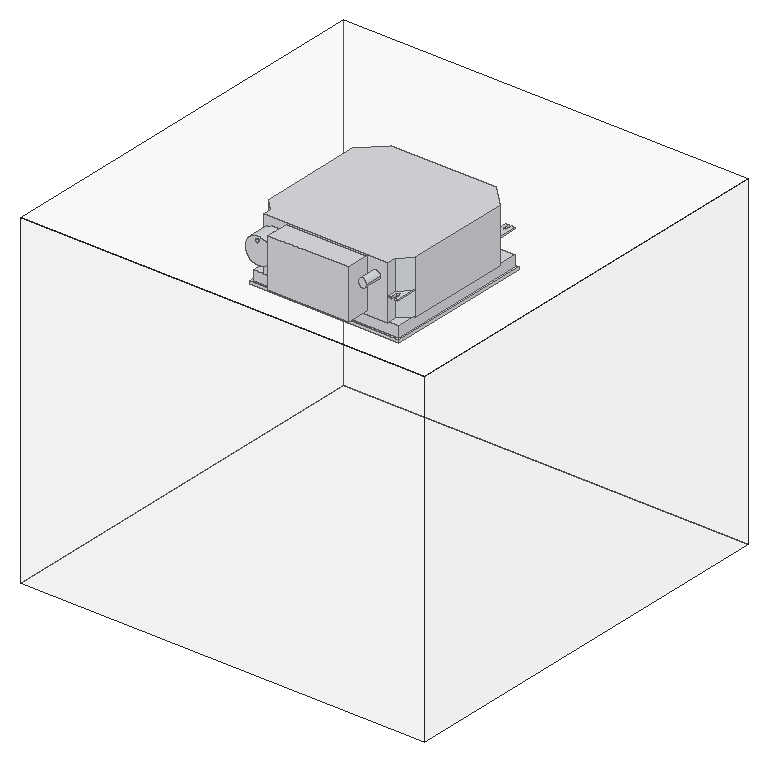
Revit family "plfyp22_56mg9_60hz", category 機械設備, Revit 2019
Family settings
  丸型コネクタ寸法 = 直径を使用
  パーツ タイプ = 標準
  OmniClass 番号 = 23.75.10.24.21.27.27
  OmniClass タイトル = Split System Air Conditioning Units
  作業面ベース = いいえ
  常に垂直 = はい
  ロード時にボイドで切り取り = いいえ
  共有 = いいえ
  部屋計算ポイント = はい
Parameters (values of type "天井4方向_PLFY-P22PMG9")
  風量（強）（m3／min） = 8.5
  風量（弱）（m3／min） = 7
  風量（中）（m3／min） = 7.5
  風量 = MAX風量  # 510.0 m³/h
  音響パワーレベル（強）(dB) = 47
  音響パワーレベル（弱）(dB) = 42
  音響パワーレベル（中）(dB) = 44
  音響パワーレベル(dB) = [音響パワーレベル（強）(dB)]  # 47
  電源種別 = ""
  電圧 = 200 V
  電動機出力_送風機 = 0.05 kW
  運転質量 = 0.00 kg
  連動 = ""
  質量 = if(製品質量 > 運転質量, 製品質量, 運転質量) * 1.2  # 19.08 kg
  負荷分類 = 3_ファン類
  構成品番 = "PLFY-P22PMG9"
  ドレン管径 (外径) = 32 mm
  ドレン管径 = 25 mm
  サービススペース = yes
  【値が 0 の項目は組合せ形名にてご確認ください】 = ""
  URL = "https://www.mitsubishielectric.co.jp/ldg/wink/ssl/top.do"
  説明 = "ビル用マルチ　天井カセット形(４方向吹出し)<システム天井タイプ>"
  設計暖房能力 = 0.00 kW
  設計冷房能力_顕熱 = 0 kW
  設計冷房能力 = 0 kW
  設置方法 = "カセット形"
  記号 [instance] = ""
  製造元 = "三菱電機株式会社"
  製品質量 = 15.90 kg
  製品出荷対象 = "国内"
  製品リリース年月 = ""
  製品グループ = ""
  系統 [instance] = ""
  符号 = "ACP-CK4"
  積算_科目 = "1 空気調和設備"
  積算_拾い区分 = ""
  相 = 1
  盤記号 [instance] = ""
  発停方法 = "付属スイッチ"
  特殊仕様 [instance] = ""
  火災停止 = ""
  消費電力_暖房 = 0.02 kW
  消費電力_冷房 = 0.02 kW
  消費電力 = if(消費電力_冷房 > 消費電力_暖房, 消費電力_冷房, 消費電力_暖房)  # 0.02 kW
  法定耐用年数 = "6"
  極数 = 1
  材質 = ""
  本体マテリアル = none
  有効加湿量 = 0
  暖房能力 = 2.50 kW
  推奨ブレーカー容量 = 15 A
  形式_加湿器 = ""
  形式 = "カセット形（4方向吹出形）"
  幹線記号 = ""
  始動方式 = "直入"
  呼称 = "マルチパッケージ形空気調和機_室内機"
  周波数 = 60 Hz
  台数_手元リモコン [instance] = ""
  台数_冷媒分岐ユニット = ""
  参照している仕様書等のバージョン = "公共建築工事標準仕様書（機械設備工事編）平成31年度版"
  加湿給水管径 = 0 mm
  分類コード = "50053003221030"
  分類グループ = ""
  冷房能力 = 2.2 kW
  冷媒高低圧ガス管径 = 0 mm
  冷媒管径符号 = "Ac"
  冷媒管径 = 100 mm
  冷媒液管径 = 6.4 mm
  冷媒ガス管径 = 12.7 mm
  企業コード = "108420"
  付属品_フィルター = ""
  付属品 = ""
  仕様書バージョン = "Version1.0"
  Model = ""
  パネルマテリアル = none
  コメント = ""
  ケーブル種類 = ""
  ケーブルサイズ = 1.6 mm
  Width = 570 mm
  Version = ""
  Uniclass2015Version = "Systems v1.9"
  Uniclass2015Title = "Split coil remote air cooled condensing units"
  Uniclass2015Code = "Pr_70_65_03_84"
  SpecificationReference = ""
  SpecificationDescription = ""
  Revision = ""
  ProductInformation = ""
  Panel Width = 580 mm
  Panel Height = 51 mm
  Panel Depth = 580 mm
  OmniClassCode = "23-33 17 13 11"
  MIN風量 = 風量（弱）（m3／min） * 60.0 m³/h  # 420.0 m³/h
  MID風量 = 風量（中）（m3／min） * 60.0 m³/h  # 450.0 m³/h
  MAX風量 = 風量（強）（m3／min） * 60.0 m³/h  # 510.0 m³/h
  IfcTypeProduct = ""
  IfcProduct = ""
  IfcExportType = "AIRCONDITIONINGUNIT"
  IfcExportAs = "IfcUnitaryEquipmentType"
  Height = 258 mm
  FamilyVersion = ""
  Depth = 570 mm
  価格 = 0
  Clearance Top = 273 mm
  Clearance Right = 500 mm
  Clearance Left = 500 mm
  Clearance Front = 500 mm
  Clearance Bottom = 1000 mm
  Clearance Back = 500 mm
  Author = "三菱電機株式会社"
Types (5, lengths in mm): name | 風量（強）（m3／min） | 風量（弱）（m3／min） | 風量（中）（m3／min） | 風量 | 音響パワーレベル（強）(dB) | 音響パワーレベル（弱）(dB) | 音響パワーレベル（中）(dB) | 音響パワーレベル(dB) | 質量 | 構成品番 | 製品質量 | 消費電力_暖房 | 消費電力_冷房 | 消費電力 | 暖房能力 | 冷房能力 | MIN風量 | MID風量 | MAX風量
  天井4方向_PLFY-P22PMG9 | 8.5 | 7 | 7.5 | 510.0 m³/h | 47 | 42 | 44 | 47 | 19.08 kg | "PLFY-P22PMG9" | 15.90 kg | 0.02 kW | 0.02 kW | 0.02 kW | 2.50 kW | 2.2 kW | 420.0 m³/h | 450.0 m³/h | 510.0 m³/h
  天井4方向_PLFY-P28PMG9 | 9 | 7 | 8 | 540.0 m³/h | 50 | 43 | 46 | 50 | 19.08 kg | "PLFY-P28PMG9" | 15.90 kg | 0.02 kW | 0.02 kW | 0.02 kW | 3.20 kW | 2.8 kW | 420.0 m³/h | 480.0 m³/h | 540.0 m³/h
  天井4方向_PLFY-P36PMG9 | 9.5 | 7 | 8 | 570.0 m³/h | 51 | 44 | 47 | 51 | 20.28 kg | "PLFY-P36PMG9" | 16.90 kg | 0.02 kW | 0.02 kW | 0.02 kW | 4.00 kW | 3.6 kW | 420.0 m³/h | 480.0 m³/h | 570.0 m³/h
  天井4方向_PLFY-P45PMG9 | 11 | 7.5 | 9 | 660.0 m³/h | 55 | 46 | 50 | 55 | 20.28 kg | "PLFY-P45PMG9" | 16.90 kg | 0.03 kW | 0.03 kW | 0.03 kW | 5.00 kW | 4.5 kW | 450.0 m³/h | 540.0 m³/h | 660.0 m³/h
  天井4方向_PLFY-P56PMG9 | 13 | 9 | 11 | 780.0 m³/h | 60 | 51 | 55 | 60 | 20.28 kg | "PLFY-P56PMG9" | 16.90 kg | 0.04 kW | 0.04 kW | 0.04 kW | 6.30 kW | 5.6 kW | 540.0 m³/h | 660.0 m³/h | 780.0 m³/h
Reference planes
  plane 1 "中心(正面/背面)": y = 0
  plane 2: z = 0
  plane 3 "中心(左/右)": x = 0
  plane 4: x = -262.5
  plane 5: x = 262.5
  plane 6: y = 262.5
  plane 7: y = -262.5
  plane 8: x = -785
  plane 9: x = 785
  plane 10: y = 785
  plane 11: y = -785
  plane 12: z = -1000
  plane 13: z = 273
  plane 14: x = -186
  plane 15: y = 285
  plane 16: y = -285
  plane 17: x = -285
  plane 18: x = 285
  plane 19: z = 258
Dimensions and locks
  plane 4 to plane 5 = 525 mm
  equal spacing: plane 4, plane 3 "中心(左/右)", plane 5
  equal spacing: plane 7, plane 1 "中心(正面/背面)", plane 6
  plane 7 to plane 6 = 525 mm
  "Clearance Top": plane 13 to plane 2
  equal spacing: plane 17, plane 3 "中心(左/右)", plane 18
  "Width": plane 17 to plane 18
  equal spacing: plane 16, plane 1 "中心(正面/背面)", plane 15
  "Depth": plane 16 to plane 15
  "Clearance Bottom": level to plane 12
  "Clearance Right": plane 18 to plane 9
  "Clearance Left": plane 8 to plane 17
  "Clearance Back": plane 15 to plane 10
  "Clearance Front": plane 11 to plane 16
  "Height": plane 19 to level
  aligned and locked: level to plane 2
  aligned and locked: plane 4 to nested 2
  aligned and locked: plane 5 to nested 2
  aligned and locked: nested 2 to plane 6
  aligned and locked: plane 7 to nested 2
  aligned and locked: plane 8 to nested 1
  aligned and locked: plane 9 to nested 1
  aligned and locked: plane 12 to nested 1
  aligned and locked: plane 13 to nested 1
  aligned and locked: plane 3 "中心(左/右)" to nested 3
  aligned and locked: nested 3 to level
  aligned and locked: plane 1 "中心(正面/背面)" to nested 3
  aligned and locked: plane 10 to nested 1
  aligned and locked: plane 11 to nested 1
Nested families
  nested 1: "サービススペース" at (0, 0, -363.5), visible <- "サービススペース", type "サービススペース"
    with Width 1570 mm, Height 1273 mm, Depth 1570 mm
  nested 2: "固定点" at (-262.5, -262.5, 0), type "固定点"
    with W 525 mm, D 525 mm
  nested 3: "PLFY-P○○PMG9_1_SN" at (0, 0, 0), パネルマテリアル <- "パネルマテリアル", 本体マテリアル <- "本体マテリアル", type "PLFY-P○○PMG9_1_SN"
    with ユニット表示 yes
Connectors
  piping at (196, -349, 201), diameter 25, driven by "ドレン管径"
    settings: on nested 3, index 1, connector inside diameter 609.6 mm, connector length 0 mm, flow factor 0, pipe flow 0.0 L/s, pressure drop 0.0 Pa, fitting loss kfactor 0, connector angle 0.00°, fixture units 0, engagement length 0 mm, angle of deflection 0.00°, flow configuration 1, flow direction 2, fitting loss method 4, system type 16, joint type 0, gender type 0, connector reference index -1, connector utility 0, adjustable connector no, is connector primary yes, connector description ""
  piping at (-199, -363, 180.5), diameter 100, driven by "冷媒管径", driven by "冷媒管径符号"
    settings: on nested 3, index 2, connector inside diameter 609.6 mm, connector length 0 mm, flow factor 0, pipe flow 0.0 L/s, pressure drop 0.0 Pa, fitting loss kfactor 0, connector angle 0.00°, fixture units 0, engagement length 0 mm, angle of deflection 0.00°, flow configuration 1, flow direction 1, fitting loss method 4, system type 7, joint type 0, gender type 0, connector reference index -1, connector utility 0, adjustable connector no, is connector primary no, connector description "Ac"
  electrical at (4.5, -373, 159.5), driven by "極数", driven by "負荷分類", driven by "電圧", driven by "消費電力"
    settings: on nested 3, index 3, voltage 200 V, apparent load 20 VA, apparent load phase1 0 VA, apparent load phase2 0 VA, apparent load phase3 0 VA, power factor 1, load classification "3_ファン類", number of poles 1, system type 30, power factor state 1, is connector primary yes, connector utility no, sub classification motor no, connector description ""
Definition of nested family "サービススペース"
  Parameters (values of type "サービススペース")
    Width [instance] = 500 mm
    Height [instance] = 500 mm
    Depth [instance] = 500 mm
  Reference planes
    plane 1 "中心(正面/背面)": y = 0
    plane 2: z = 0
    plane 3 "中心(左/右)": x = 0
    plane 4: y = -250
    plane 5: x = 250
    plane 6: y = 250
    plane 7: x = -250
    plane 8: z = 250
    plane 9: z = -250
  Forms (mm)
    Extrusion 1, solid
      sketch origin (-638.939, 0, 72.39) x (1, 0, 0) y (0, 1, 0)
        loop
          line (388.939, 250) -> (388.939, -250) -> (888.939, -250) -> (888.939, 250) -> (388.939, 250)
      from -322.39 to 177.61
  Lines and regions (mm)
    symbolic lines
      curve 1: line (-250, 0, 250) -> (250, 0, 250)
      curve 2: line (-250, 0, -250) -> (-250, 0, 250)
      curve 3: line (250, 0, -250) -> (-250, 0, -250)
      curve 4: line (250, 0, 250) -> (250, 0, -250)
      curve 5: line (0, -250, 250) -> (0, 250, 250)
      curve 6: line (0, -250, -250) -> (0, -250, 250)
      curve 7: line (0, 250, -250) -> (0, -250, -250)
      curve 8: line (0, 250, 250) -> (0, 250, -250)
      curve 9: line (-250, 250, 0) -> (250, 250, 0)
      curve 10: line (-250, -250, 0) -> (-250, 250, 0)
      curve 11: line (250, -250, 0) -> (-250, -250, 0)
      curve 12: line (250, 250, 0) -> (250, -250, 0)
  Dimensions and locks
    equal spacing: plane 7, plane 3 "中心(左/右)", plane 5
    equal spacing: plane 4, plane 1 "中心(正面/背面)", plane 6
    "Depth": plane 4 to plane 6
    "Width": plane 7 to plane 5
    equal spacing: plane 8, plane 2, plane 9
    "Height": plane 8 to plane 9
    aligned and locked: plane 9 to curve 3
    aligned and locked: plane 7 to curve 2
    aligned and locked: curve 4 to plane 5
    aligned and locked: plane 5 to Extrusion 1
    aligned and locked: Extrusion 1 to plane 7
    aligned and locked: Extrusion 1 to plane 9
    aligned and locked: plane 8 to Extrusion 1
    aligned and locked: plane 9 to curve 7
  Automatic sketch dimensions
    plane 4 to Extrusion 1 sketch curve = 0 mm
    Extrusion 1 sketch curve to plane 7 = 0 mm
    Extrusion 1 sketch curve to plane 5 = 0 mm
    plane 6 to Extrusion 1 sketch curve = 0 mm
    curve 2 to plane 8 = 0 mm
    plane 4 to curve 11 = 0 mm
    curve 11 to plane 7 = 0 mm
    curve 11 to plane 5 = 0 mm
    plane 6 to curve 10 = 0 mm
    curve 7 to plane 4 = 0 mm
    curve 7 to plane 6 = 0 mm
    curve 6 to plane 8 = 0 mm
Definition of nested family "PLFY-P○○PMG9_1_SN"
  Parameters (values of type "PLFY-P○○PMG9_1_SN")
    液配管サイズ = 6.4 mm
    高さ = 258 mm
    本体マテリアル [instance] = none
    奥行き = 570 mm
    吊りボルトピッチ_Y = 525 mm
    吊りボルト_H = 140 mm
    冷媒配管 = 100 mm
    冷媒液管径-Z = 146 mm
    冷媒液管径-Y = 63 mm
    冷媒液管径-X = 196 mm
    冷媒ガス管径-Z = 215 mm
    冷媒ガス管径-Y = 78 mm
    冷媒ガス管径-X = 202 mm
    ユニット表示 [instance] = yes
    吊りボルトピッチ_X = 525 mm
    パネルマテリアル [instance] = none
    ドレン配管サイズ = 32 mm
    ドレン管径-Z = 201 mm
    ドレン管径-Y = 64 mm
    ドレン管径-X = 196 mm
    ガス配管サイズ = 12.7 mm
    幅さ = 570 mm
  Reference planes
    plane 1 "中心(正面/背面)": y = 0
    plane 2: z = 0
    plane 3 "中心(左/右)": x = 0
    plane 4: x = -285
    plane 5: x = 285
    plane 6: y = 285
    plane 7: y = -285
    plane 8: z = 50
    plane 9: z = 258
    plane 10: y = -285
    plane 11: x = -204
    plane 12: x = 204
    plane 13: y = 204
    plane 14: y = -204
    plane 15: y = -249
    plane 16: x = 240.5
    plane 17: x = -240.5
    plane 18: x = -281
    plane 19: y = 281
    plane 20: x = 281
    plane 21: y = -281
    plane 22: y = 290
    plane 23: x = -290
    plane 24: x = 290
    plane 25: y = -290
    plane 26: z = 10
    plane 27: x = -262.5
    plane 28: x = 262.5
    plane 29: y = 262.5
    plane 30: y = -262.5
    plane 31: x = 268.5
    plane 32: x = 256.5
    plane 33: x = -256.5
    plane 34: x = -268.5
    plane 35: x = -280.5
    plane 36: x = -244.5
    plane 37: x = 244.5
    plane 38: x = 280.5
    plane 39: z = 145
    plane 40: z = 140
    plane 41: z = 201
    plane 42: z = 215
    plane 43: z = 146
    plane 44: x = 196
    plane 45: x = -196
    plane 46: x = -202
    plane 47: x = -199
    plane 48: z = 180.5
    plane 49: y = -348
    plane 50: y = -363
    plane 51: y = -349
    plane 52: y = -373
    plane 53: x = 161
    plane 54: x = -152
    plane 55: z = 254
    plane 56: z = 65
  Forms (mm)
    Extrusion 1, solid, material <- "本体マテリアル", visible <- "ユニット表示", detail levels fine
      sketch origin (0, 0, 0) x (1, 0, 0) y (0, 1, 0)
        loop
          line (285, 204) -> (204, 285) -> (-204, 285) -> (-285, 204) -> (-285, -204.5) -> (-240.5, -249) -> (-240.5, -285) -> (240.5, -285) -> (240.5, -249) -> (285, -204.5) -> (285, 204)
      from 50 to 258
    Extrusion 2, solid, material <- "パネルマテリアル", visible <- "ユニット表示", detail levels fine
      sketch origin (0, 0, 0) x (1, 0, 0) y (0, 1, 0)
        loop
          line (-281, 281) -> (-281, -281) -> (281, -281) -> (281, 281) -> (-281, 281)
      from 10 to 50
    Extrusion 3, solid, material <- "パネルマテリアル", visible <- "ユニット表示", detail levels fine
      sketch origin (0, 0, 0) x (1, 0, 0) y (0, 1, 0)
        loop
          line (-290, 290) -> (-290, -290) -> (290, -290) -> (290, 290) -> (-290, 290)
      from 0 to 10
    Extrusion 4, solid, material <- "本体マテリアル", visible <- "ユニット表示", detail levels fine
      sketch origin (0, 0, 0) x (1, 0, 0) y (0, 1, 0)
        loop
          line (-280.5, 285) -> (-280.5, 208.5) -> (-244.5, 244.5) -> (-244.5, 285) -> (-256.5, 285) -> (-256.5, 262.5)
          arc (-256.5, 262.5) -> (-262.5, 256.5) -> (-268.5, 262.5) r 6
          line (-268.5, 262.5) -> (-268.5, 285) -> (-280.5, 285)
        loop
          line (280.5, 285) -> (268.5, 285) -> (268.5, 262.5)
          arc (268.5, 262.5) -> (262.5, 256.5) -> (256.5, 262.5) r 6
          line (256.5, 262.5) -> (256.5, 285) -> (244.5, 285) -> (244.5, 244.5) -> (280.5, 208.5) -> (280.5, 285)
        loop
          line (-280.5, -285) -> (-268.5, -285) -> (-268.5, -262.5)
          arc (-268.5, -262.5) -> (-262.5, -256.5) -> (-256.5, -262.5) r 6
          line (-256.5, -262.5) -> (-256.5, -285) -> (-244.5, -285) -> (-244.5, -245) -> (-280.5, -209) -> (-280.5, -285)
        loop
          line (280.5, -285) -> (280.5, -209) -> (244.5, -245) -> (244.5, -285) -> (256.5, -285) -> (256.5, -262.5)
          arc (256.5, -262.5) -> (262.5, -256.5) -> (268.5, -262.5) r 6
          line (268.5, -262.5) -> (268.5, -285) -> (280.5, -285)
      from 140 to 145
    Extrusion 5, solid, material <- "本体マテリアル", visible <- "ユニット表示", detail levels fine
      sketch origin (0, -282, 0) x (-1, 0, 0) y (0, 0, 1)
        loop
          circle (196, 146) r 3.2
      from -66 to -3
    Extrusion 6, solid, material <- "本体マテリアル", visible <- "ユニット表示", detail levels fine
      sketch origin (0, -282, 0) x (-1, 0, 0) y (0, 0, 1)
        loop
          circle (202, 215) r 6.35
      from -81 to -3
    Extrusion 7, solid, material <- "本体マテリアル", visible <- "ユニット表示", detail levels fine
      sketch origin (0, -282, 0) x (-1, 0, 0) y (0, 0, 1)
        loop
          circle (199, 180.5) r 50
      from -81 to -3
    Extrusion 8, solid, material <- "本体マテリアル", visible <- "ユニット表示", detail levels fine
      sketch origin (0, -282, 0) x (-1, 0, 0) y (0, 0, 1)
        loop
          circle (-196, 201) r 16
      from -67 to -3
    Extrusion 9, solid, material <- "本体マテリアル", visible <- "ユニット表示", detail levels fine
      sketch origin (0, -282, 0) x (-1, 0, 0) y (0, 0, 1)
        loop
          line (152, 254) -> (-161, 254) -> (-161, 65) -> (152, 65) -> (152, 254)
      from -91 to -3
  Lines and regions (mm)
    Masking region 1, visible <- "ユニット表示", detail levels coarse+medium
      outline origin (0, 0, 0) x (1, 0, 0) y (0, 1, 0)
        loop
          line (-285, 285) -> (-285, -285) -> (285, -285) -> (285, 285) -> (-285, 285)
    symbolic lines, visible <- "ユニット表示"
      curve 1: line (-285, 285, 0) -> (285, 285, 0)
      curve 2: line (-285, -285, 0) -> (-285, 285, 0)
      curve 3: line (285, -285, 0) -> (-285, -285, 0)
      curve 4: line (285, 285, 0) -> (285, -285, 0)
    model lines, visible <- "ユニット表示", detail levels fine
      curve 5: line (-180, 180, 0) -> (180, 180, 0)
      curve 6: line (-180, -180, 0) -> (-180, 180, 0)
      curve 7: line (180, -180, 0) -> (-180, -180, 0)
      curve 8: line (180, 180, 0) -> (180, -180, 0)
      curve 9: line (-145, 272, 0) -> (145, 272, 0)
      curve 10: line (-145, 234, 0) -> (-145, 272, 0)
      curve 11: line (145, 234, 0) -> (-145, 234, 0)
      curve 12: line (145, 272, 0) -> (145, 234, 0)
      curve 13: line (234, 145, 0) -> (272, 145, 0)
      curve 14: line (234, -145, 0) -> (234, 145, 0)
      curve 15: line (272, -145, 0) -> (234, -145, 0)
      curve 16: line (272, 145, 0) -> (272, -145, 0)
      curve 17: line (-272, 145, 0) -> (-234, 145, 0)
      curve 18: line (-272, -145, 0) -> (-272, 145, 0)
      curve 19: line (-234, -145, 0) -> (-272, -145, 0)
      curve 20: line (-234, 145, 0) -> (-234, -145, 0)
      curve 21: line (-145, -234, 0) -> (145, -234, 0)
      curve 22: line (-145, -272, 0) -> (-145, -234, 0)
      curve 23: line (145, -272, 0) -> (-145, -272, 0)
      curve 24: line (145, -234, 0) -> (145, -272, 0)
      curve 25: line (162.5, 162.5, 0) -> (-162.5, 162.5, 0)
      curve 26: line (-162.5, 162.5, 0) -> (-162.5, -162.5, 0)
      curve 27: line (162.5, -162.5, 0) -> (162.5, 162.5, 0)
      curve 28: line (-162.5, -162.5, 0) -> (162.5, -162.5, 0)
      curve 29: line (-81.25, 162.5, 0) -> (-81.25, -162.5, 0)
      curve 30: line (0, 162.5, 0) -> (0, -162.5, 0)
      curve 31: line (81.25, 162.5, 0) -> (81.25, -162.5, 0)
      curve 32: line (162.5, 145.395, 0) -> (-162.5, 145.395, 0)
      curve 33: line (162.5, 128.289, 0) -> (-162.5, 128.289, 0)
      curve 34: line (162.5, 111.184, 0) -> (-162.5, 111.184, 0)
      curve 35: line (162.5, 94.079, 0) -> (-162.5, 94.079, 0)
      curve 36: line (162.5, 76.974, 0) -> (-162.5, 76.974, 0)
      curve 37: line (162.5, 59.868, 0) -> (-162.5, 59.868, 0)
      curve 38: line (162.5, 42.763, 0) -> (-162.5, 42.763, 0)
      curve 39: line (162.5, 25.658, 0) -> (-162.5, 25.658, 0)
      curve 40: line (162.5, 8.553, 0) -> (-162.5, 8.553, 0)
      curve 41: line (162.5, -8.553, 0) -> (-162.5, -8.553, 0)
      curve 42: line (162.5, -25.658, 0) -> (-162.5, -25.658, 0)
      curve 43: line (162.5, -42.763, 0) -> (-162.5, -42.763, 0)
      curve 44: line (162.5, -59.868, 0) -> (-162.5, -59.868, 0)
      curve 45: line (162.5, -76.974, 0) -> (-162.5, -76.974, 0)
      curve 46: line (162.5, -94.079, 0) -> (-162.5, -94.079, 0)
      curve 47: line (162.5, -111.184, 0) -> (-162.5, -111.184, 0)
      curve 48: line (162.5, -128.289, 0) -> (-162.5, -128.289, 0)
      curve 49: line (162.5, -145.395, 0) -> (-162.5, -145.395, 0)
  Dimensions and locks
    equal spacing: plane 4, plane 3 "中心(左/右)", plane 5
    "幅さ": plane 4 to plane 5
    equal spacing: plane 6, plane 1 "中心(正面/背面)", plane 7
    "奥行き": plane 6 to plane 7
    "高さ": plane 9 to level
    locked: plane 6 to plane 13 at 81
    locked: plane 12 to plane 5 at 81
    locked: plane 4 to plane 11 at 81
    locked: plane 4 to plane 17 at 44.5
    locked: plane 16 to plane 5 at 44.5
    locked: plane 15 to plane 10 at 36
    locked: plane 14 to plane 15 at 45
    locked: plane 21 to plane 10 at 4
    locked: plane 6 to plane 19 at 4
    locked: plane 20 to plane 5 at 4
    locked: plane 4 to plane 18 at 4
    locked: plane 10 to plane 25 at 5
    locked: plane 22 to plane 6 at 5
    locked: plane 5 to plane 24 at 5
    locked: plane 23 to plane 4 at 5
    locked: plane 26 to level at 10
    locked: plane 8 to plane 26 at 40
    equal spacing: plane 27, plane 3 "中心(左/右)", plane 28
    "吊りボルトピッチ_X": plane 27 to plane 28
    equal spacing: plane 30, plane 1 "中心(正面/背面)", plane 29
    "吊りボルトピッチ_Y": plane 30 to plane 29
    plane 35 to plane 34 to plane 27 to plane 33 to plane 36 = 12 mm locked, 6 mm locked, 6 mm locked, 12 mm locked
    plane 37 to plane 32 to plane 28 to plane 31 to plane 38 = 12 mm locked, 6 mm locked, 6 mm locked, 12 mm locked
    locked: plane 39 to plane 40 at 5
    locked: plane 40 to level at 140
    "ドレン管径-Z": plane 41 to level
    "冷媒液管径-Z": plane 43 to level
    "冷媒液管径-X": plane 45 to plane 3 "中心(左/右)"
    "ドレン管径-X": plane 3 "中心(左/右)" to plane 44
    equal spacing: plane 46, plane 47, plane 45
    equal spacing: plane 42, plane 48, plane 43
    "冷媒液管径-Y": plane 10 to plane 49
    "冷媒ガス管径-Y": plane 10 to plane 50
    "ドレン管径-Y": plane 10 to plane 51
    locked: plane 4 to plane 54 at 133
    locked: plane 53 to plane 5 at 124
    locked: plane 10 to plane 52 at 88
    locked: plane 56 to plane 8 at 15
    locked: plane 9 to plane 55 at 4
    "冷媒ガス管径-X": plane 46 to plane 3 "中心(左/右)"
    "冷媒ガス管径-Z": plane 42 to level
    "液配管サイズ": diameter of Extrusion 5 sketch curve
    "ガス配管サイズ": diameter of Extrusion 6 sketch curve
    "冷媒配管": diameter of Extrusion 7 sketch curve
    "ドレン配管サイズ": diameter of Extrusion 8 sketch curve
    aligned and locked: level to plane 2
    aligned and locked: plane 9 to Extrusion 1
    aligned and locked: Extrusion 1 to plane 8
    aligned and locked: Extrusion 1 sketch curve to plane 5
    aligned and locked: Extrusion 1 sketch curve to plane 6
    aligned and locked: Extrusion 1 sketch curve to plane 4
    aligned and locked: Extrusion 1 sketch curve to plane 10
    aligned and locked: Extrusion 1 sketch curve to plane 16
    aligned and locked: Extrusion 1 sketch curve to plane 17
    aligned and locked: Extrusion 2 sketch curve to plane 18
    aligned and locked: Extrusion 2 sketch curve to plane 19
    aligned and locked: Extrusion 2 sketch curve to plane 20
    aligned and locked: Extrusion 2 sketch curve to plane 21
    aligned and locked: Extrusion 3 sketch curve to plane 22
    aligned and locked: Extrusion 3 sketch curve to plane 23
    aligned and locked: Extrusion 3 sketch curve to plane 24
    aligned and locked: Extrusion 3 sketch curve to plane 25
    aligned and locked: plane 8 to Extrusion 2
    aligned and locked: Extrusion 2 to plane 26
    aligned and locked: Extrusion 3 to level
    aligned and locked: plane 26 to Extrusion 3
    aligned and locked: Extrusion 4 sketch curve to plane 6  (x2)
    aligned and locked: Extrusion 4 sketch curve to plane 33
    aligned and locked: Extrusion 4 sketch curve to plane 36
    aligned and locked: Extrusion 4 sketch curve to plane 34
    aligned and locked: Extrusion 4 sketch curve to plane 35
    aligned and locked: plane 29 to Extrusion 4 sketch curve  (x2)
    aligned and locked: plane 27 to Extrusion 4 sketch curve  (x2)
    aligned and locked: Extrusion 1 to Extrusion 4 sketch curve  (x2)
    aligned and locked: Extrusion 4 sketch curve to Extrusion 1  (x2)
    aligned and locked: Extrusion 4 sketch curve to plane 37
    aligned and locked: plane 6 to Extrusion 4 sketch curve  (x2)
    aligned and locked: Extrusion 4 sketch curve to plane 31
    aligned and locked: Extrusion 4 sketch curve to plane 32
    aligned and locked: Extrusion 4 sketch curve to plane 38
    aligned and locked: plane 28 to Extrusion 4 sketch curve  (x2)
    aligned and locked: plane 10 to Extrusion 4 sketch curve  (x2)
    aligned and locked: plane 31 to Extrusion 4 sketch curve
    aligned and locked: plane 32 to Extrusion 4 sketch curve
    aligned and locked: plane 37 to Extrusion 4 sketch curve
    aligned and locked: plane 38 to Extrusion 4 sketch curve
    aligned and locked: plane 30 to Extrusion 4 sketch curve  (x2)
    aligned and locked: plane 35 to Extrusion 4 sketch curve
    aligned and locked: plane 34 to Extrusion 4 sketch curve
    aligned and locked: plane 33 to Extrusion 4 sketch curve
    aligned and locked: plane 36 to Extrusion 4 sketch curve
    aligned and locked: Extrusion 4 sketch curve to plane 10  (x2)
    aligned and locked: plane 39 to Extrusion 4
    aligned and locked: Extrusion 4 to plane 40
    aligned and locked: plane 43 to Extrusion 5 sketch curve
    aligned and locked: plane 45 to Extrusion 5 sketch curve
    aligned and locked: plane 42 to Extrusion 6 sketch curve
    aligned and locked: plane 46 to Extrusion 6 sketch curve
    aligned and locked: plane 48 to Extrusion 7 sketch curve
    aligned and locked: plane 47 to Extrusion 7 sketch curve
    aligned and locked: Extrusion 5 to plane 49
    aligned and locked: Extrusion 6 to plane 50
    aligned and locked: Extrusion 7 to plane 50
    aligned and locked: plane 10 to Extrusion 7
    aligned and locked: plane 10 to Extrusion 6
    aligned and locked: plane 10 to Extrusion 5
    aligned and locked: plane 41 to Extrusion 8 sketch curve
    aligned and locked: plane 44 to Extrusion 8 sketch curve
    aligned and locked: Extrusion 8 to plane 51
    aligned and locked: plane 10 to Extrusion 8
    aligned and locked: plane 55 to Extrusion 9 sketch curve
    aligned and locked: Extrusion 9 sketch curve to plane 54
    aligned and locked: Extrusion 9 sketch curve to plane 56
    aligned and locked: plane 53 to Extrusion 9 sketch curve
    aligned and locked: Extrusion 9 to plane 52
    aligned and locked: plane 10 to Extrusion 9
    aligned and locked: Masking region 1 sketch curve to plane 6
    aligned and locked: plane 10 to Masking region 1 sketch curve
    aligned and locked: plane 4 to Masking region 1 sketch curve
    aligned and locked: Masking region 1 sketch curve to plane 5
    aligned and locked: curve 1 to plane 6
    aligned and locked: plane 10 to curve 3
    aligned and locked: plane 4 to curve 2
    aligned and locked: curve 4 to plane 5
  Automatic sketch dimensions
    Extrusion 1 sketch curve to plane 11 = 0 mm
    Extrusion 1 sketch curve to plane 12 = 0 mm
    Extrusion 1 sketch curve to plane 14 = 0.5 mm  (x2)
    Extrusion 1 sketch curve to plane 13 = 0 mm  (x2)
    Extrusion 1 sketch curve to plane 15 = 0 mm  (x2)
    curve 19 to plane 34 = 3.5 mm
    plane 17 to curve 17 = 6.5 mm
    plane 45 to curve 7 = 16 mm
    plane 54 to curve 11 = 7 mm
    plane 54 to curve 21 = 7 mm
    curve 9 to plane 53 = 16 mm
    curve 21 to plane 53 = 16 mm
    curve 8 to plane 44 = 16 mm
    curve 14 to plane 16 = 6.5 mm
    plane 31 to curve 16 = 3.5 mm
    plane 21 to curve 24 = 9 mm
    plane 15 to curve 24 = 15 mm
    plane 14 to curve 7 = 24 mm
    plane 14 to curve 20 = 59 mm
    plane 14 to curve 16 = 59 mm
    curve 14 to plane 13 = 59 mm
    curve 17 to plane 13 = 59 mm
    curve 5 to plane 13 = 24 mm
    plane 29 to curve 11 = 28.5 mm
    curve 12 to plane 19 = 9 mm
    curve 7 to curve 27 = 17.5 mm
    curve 30 to plane 3 "中心(左/右)" = 0 mm
    plane 54 to curve 29 = 70.75 mm
    curve 31 to plane 53 = 79.75 mm
    curve 26 to curve 5 = 17.5 mm
    curve 41 to plane 54 = 10.5 mm
    plane 53 to curve 48 = 1.5 mm
    curve 27 to curve 49 = 17.105 mm
    curve 49 to curve 48 = 17.105 mm
    curve 48 to curve 47 = 17.105 mm
    curve 47 to curve 46 = 17.105 mm
    curve 46 to curve 45 = 17.105 mm
    curve 45 to curve 44 = 17.105 mm
    curve 44 to curve 43 = 17.105 mm
    curve 43 to curve 42 = 17.105 mm
    plane 1 "中心(正面/背面)" to curve 41 = 8.553 mm
    curve 40 to plane 1 "中心(正面/背面)" = 8.553 mm
    curve 40 to curve 39 = 17.105 mm
    curve 39 to curve 38 = 17.105 mm
    curve 38 to curve 37 = 17.105 mm
    curve 37 to curve 36 = 17.105 mm
    curve 36 to curve 35 = 17.105 mm
    curve 35 to curve 34 = 17.105 mm
    curve 34 to curve 33 = 17.105 mm
    curve 33 to curve 32 = 17.105 mm
Definition of nested family "固定点"
  Parameters (values of type "固定点")
    中心円 = 20 mm
    W [instance] = 1000 mm
    D [instance] = 1000 mm
  Reference planes
    plane 1 "中心(正面/背面)": y = 0
    plane 2: z = 0
    plane 3 "中心(左/右)": x = 0
    plane 4: x = 1000
    plane 5: y = 1000
  Lines and regions (mm)
    symbolic lines, detail levels fine
      curve 1: circle (0, 1000, 0) r 10 normal (0, 0, 1)
      curve 2: circle (0, 0, 0) r 10 normal (0, 0, 1)
      curve 3: circle (1000, 1000, 0) r 10 normal (0, 0, 1)
      curve 4: circle (1000, 0, 0) r 10 normal (0, 0, 1)
      curve 5: line (-200, 1000, 0) -> (1200, 1000, 0)
      curve 6: line (-200, 0, 0) -> (1200, 0, 0)
      curve 7: line (0, 1200, 0) -> (0, -200, 0)
      curve 8: line (1000, 1200, 0) -> (1000, -200, 0)
  Dimensions and locks
    "W": plane 3 "中心(左/右)" to plane 4
    "D": plane 1 "中心(正面/背面)" to plane 5
    "中心円": diameter of curve 1
    "中心円": diameter of curve 2
    "中心円": diameter of curve 3
    "中心円": diameter of curve 4
    aligned and locked: level to plane 2
    aligned and locked: plane 5 to curve 1
    aligned and locked: plane 3 "中心(左/右)" to curve 1
    aligned and locked: plane 3 "中心(左/右)" to curve 2
    aligned and locked: plane 1 "中心(正面/背面)" to curve 2
    aligned and locked: plane 4 to curve 3
    aligned and locked: plane 5 to curve 3
    aligned and locked: plane 1 "中心(正面/背面)" to curve 4
    aligned and locked: plane 4 to curve 4
    aligned and locked: plane 1 "中心(正面/背面)" to curve 6
    aligned and locked: curve 7 to plane 3 "中心(左/右)"
    aligned and locked: curve 8 to plane 4
  Automatic sketch dimensions
    curve 5 to plane 5 = 0 mm
    curve 6 to plane 3 "中心(左/右)" = 200 mm
    curve 5 to plane 3 "中心(左/右)" = 200 mm
    curve 4 to curve 6 = 200 mm
    curve 3 to curve 5 = 200 mm
    plane 1 "中心(正面/背面)" to curve 8 = 200 mm
    plane 1 "中心(正面/背面)" to curve 7 = 200 mm
    curve 3 to curve 8 = 200 mm
    curve 1 to curve 7 = 200 mm
